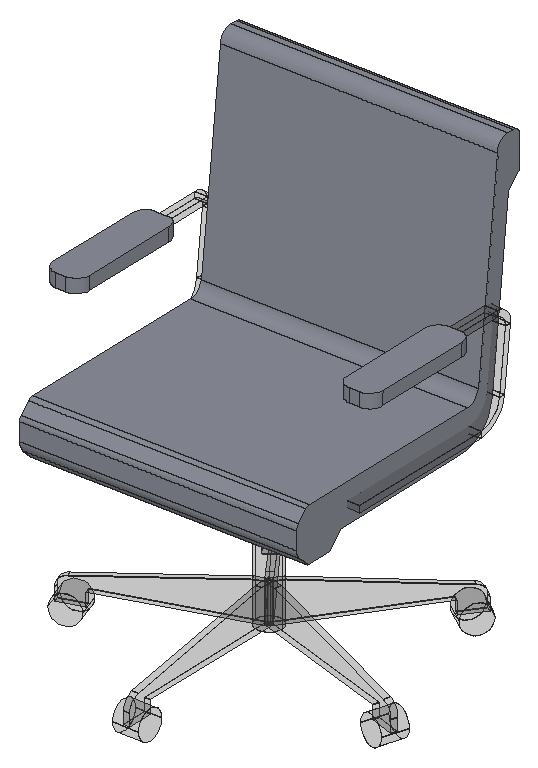
Revit family "Chair Task Arms", category Furniture, Revit 2015
Parameters (values of type "Chair Task Arms")
  Assembly Code = ""
  Material Base [instance] = Plastic Black
  Material Caster [instance] = Plastic Black
  Material Seat/Back [instance] = Slate Blue
Reference planes
  plane 1 "Center (Front/Back)": y = 18.946
  plane 2: z = 0
  plane 3 "Center (Left/Right)": x = 140.991
  plane 4: x = 458.491
  plane 5: x = -176.509
  plane 6: y = -323.954
  plane 7: y = 361.846
  plane 8: z = 889
  plane 9 "Seat": z = 457.2
  plane 10: y = 285.646
  plane 11: z = 863.6
  plane 12: y = -247.754
  plane 13: y = -222.354
  plane 14: z = 431.8
  plane 15: y = 260.246
  plane 16: z = 787.4
  plane 17: z = 355.6
  plane 18: x = 191.791
  plane 19: x = 90.191
  plane 20: x = 420.391
  plane 21: x = -138.409
  plane 22: z = 609.6
  plane 23: z = 609.6
Forms (mm)
  Extrusion 1, solid, material "Slate Blue" <- "Material Seat/Back"
    sketch origin (458.491, 37.892, 0) x (0, 1, 0) y (0, 0, 1)
      loop
        arc (-255.01, 457.2) -> (-259.851, 456.241) -> (-263.96, 453.51) r 12.7
        line (-263.96, 453.51) -> (-281.896, 435.694)
        arc (-281.896, 435.694) -> (-284.671, 431.563) -> (-285.646, 426.684) r 12.7
        line (-285.646, 426.684) -> (-285.646, 391.641)
        arc (-285.646, 391.641) -> (-283.729, 381.96) -> (-278.266, 373.74) r 25.4
        line (-278.266, 373.74) -> (-260.247, 355.6) -> (-209.447, 355.6) -> (-181.074, 383.784) -> (107.109, 383.784)
        arc (107.109, 383.784) -> (157.745, 403.041) -> (182.787, 451.08) r 76.2
        line (182.787, 451.08) -> (222.354, 787.4) -> (244.034, 809.08)
        arc (244.034, 809.08) -> (246.787, 813.2) -> (247.754, 818.061) r 12.7
        line (247.754, 818.061) -> (247.754, 876.3)
        arc (247.754, 876.3) -> (244.034, 885.28) -> (235.054, 889) r 12.7
        line (235.054, 889) -> (222.179, 889)
        arc (222.179, 889) -> (205.3, 882.581) -> (196.953, 866.568) r 25.4
        line (196.953, 866.568) -> (151.431, 479.632)
        arc (151.431, 479.632) -> (143.084, 463.619) -> (126.205, 457.2) r 25.4
        line (126.205, 457.2) -> (-255.01, 457.2)
    from -50.8 to -584.2
  Extrusion 2, solid, material "Plastic Black" <- "Material Base"
    sketch origin (90.191, 37.892, 0) x (0, 1, 0) y (0, 0, 1)
      loop
        line (19.154, 383.784) -> (-69.746, 383.784) -> (-69.746, 371.084) -> (-18.946, 283.095) -> (19.154, 283.095) -> (19.154, 383.784)
    from 0 to 101.6
  Extrusion 3, solid, material "Plastic Black" <- "Material Base"
    sketch origin (140.991, 37.892, 0) x (0, -1, 0) y (0, 0, 1)
      loop
        line (18.946, 53.584) -> (311.046, 53.584) -> (311.046, 28.184) -> (361.846, 28.184) -> (361.846, 52.487)
        arc (361.846, 52.487) -> (355.903, 68.813) -> (340.857, 77.501) r 25.4
        line (340.857, 77.501) -> (44.346, 129.784) -> (18.946, 129.784) -> (18.946, 53.584)
    from 6.35 to -6.35
  Extrusion 4, solid, material "Plastic Black" <- "Material Caster"
    sketch origin (140.991, 37.892, 0) x (0, -1, 0) y (0, 0, 1)
      loop
        circle (336.446, 28.184) r 28.2
    from 25.4 to -25.4
  Extrusion 5, solid, material "Plastic Black" <- "Material Base"
    sketch origin (122.972, 24.801, 0) x (0.951057, -0.309017, 0) y (0, 0, 1)
      loop
        line (18.946, 53.584) -> (311.046, 53.584) -> (311.046, 28.184) -> (361.846, 28.184) -> (361.846, 52.487)
        arc (361.846, 52.487) -> (355.903, 68.813) -> (340.857, 77.501) r 25.4
        line (340.857, 77.501) -> (44.346, 129.784) -> (18.946, 129.784) -> (18.946, 53.584)
    from 6.35 to -6.35
  Extrusion 6, solid, material "Plastic Black" <- "Material Caster"
    sketch origin (122.972, 24.801, 0) x (0.951057, -0.309017, 0) y (0, 0, 1)
      loop
        circle (336.446, 28.184) r 28.2
    from 25.4 to -25.4
  Extrusion 7, solid, material "Plastic Black" <- "Material Base"
    sketch origin (129.855, 3.618, 0) x (0.587785, 0.809017, 0) y (0, 0, 1)
      loop
        line (18.946, 53.584) -> (311.046, 53.584) -> (311.046, 28.184) -> (361.846, 28.184) -> (361.846, 52.487)
        arc (361.846, 52.487) -> (355.903, 68.813) -> (340.857, 77.501) r 25.4
        line (340.857, 77.501) -> (44.346, 129.784) -> (18.946, 129.784) -> (18.946, 53.584)
    from 6.35 to -6.35
  Extrusion 8, solid, material "Plastic Black" <- "Material Caster"
    sketch origin (129.855, 3.618, 0) x (0.587785, 0.809017, 0) y (0, 0, 1)
      loop
        circle (336.446, 28.184) r 28.2
    from 25.4 to -25.4
  Extrusion 9, solid, material "Plastic Black" <- "Material Base"
    sketch origin (152.127, 3.618, 0) x (-0.587785, 0.809017, 0) y (0, 0, 1)
      loop
        line (18.946, 53.584) -> (311.046, 53.584) -> (311.046, 28.184) -> (361.846, 28.184) -> (361.846, 52.487)
        arc (361.846, 52.487) -> (355.903, 68.813) -> (340.857, 77.501) r 25.4
        line (340.857, 77.501) -> (44.346, 129.784) -> (18.946, 129.784) -> (18.946, 53.584)
    from 6.35 to -6.35
  Extrusion 10, solid, material "Plastic Black" <- "Material Caster"
    sketch origin (152.127, 3.618, 0) x (-0.587785, 0.809017, 0) y (0, 0, 1)
      loop
        circle (336.446, 28.184) r 28.2
    from 25.4 to -25.4
  Extrusion 11, solid, material "Plastic Black" <- "Material Base"
    sketch origin (159.009, 24.801, 0) x (-0.951057, -0.309017, 0) y (0, 0, 1)
      loop
        line (18.946, 53.584) -> (311.046, 53.584) -> (311.046, 28.184) -> (361.846, 28.184) -> (361.846, 52.487)
        arc (361.846, 52.487) -> (355.903, 68.813) -> (340.857, 77.501) r 25.4
        line (340.857, 77.501) -> (44.346, 129.784) -> (18.946, 129.784) -> (18.946, 53.584)
    from 6.35 to -6.35
  Extrusion 12, solid, material "Plastic Black" <- "Material Caster"
    sketch origin (159.009, 24.801, 0) x (-0.951057, -0.309017, 0) y (0, 0, 1)
      loop
        circle (336.446, 28.184) r 28.2
    from 25.4 to -25.4
  Extrusion 13, solid, material "Plastic Black" <- "Material Base"
    sketch origin (281.982, 37.892, 0) x (-1, 0, 0) y (0, -1, 0)
      loop
        circle (140.991, 18.946) r 25.4
    from 53.584 to 384.175
  Sweep 14, solid, material "Plastic Black" <- "Material Base"
    path origin (-138.409, 37.892, 0) x (0, 1, 0) y (0, 0, 1)
      loop
        line (-167.032, 419.1) -> (128.329, 419.1)
        arc (128.329, 419.1) -> (162.087, 431.938) -> (178.781, 463.964) r 50.8
        line (178.781, 463.964) -> (192.578, 581.232)
        arc (192.578, 581.232) -> (186.332, 601.079) -> (167.352, 609.6) r 25.4
        line (167.352, 609.6) -> (-18.946, 609.6)
    profile origin (420.391, 18.54, 0) x (0, 0, 1) y (1, 0, 0)
      loop
        line (425.45, -546.1) -> (412.75, -546.1) -> (412.75, -571.5) -> (425.45, -571.5) -> (425.45, -546.1)
  Sweep 15, solid, material "Plastic Black" <- "Material Base"
    path origin (420.391, 37.892, 0) x (0, 1, 0) y (0, 0, 1)
      loop
        line (-167.032, 419.1) -> (126.239, 419.1)
        arc (126.239, 419.1) -> (159.996, 431.938) -> (176.691, 463.964) r 50.8
        line (176.691, 463.964) -> (190.487, 581.232)
        arc (190.487, 581.232) -> (184.242, 601.079) -> (165.261, 609.6) r 25.4
        line (165.261, 609.6) -> (-18.946, 609.6)
    profile origin (-138.409, 17.495, 0) x (0, 0, 1) y (1, 0, 0)
      loop
        line (412.75, 546.1) -> (425.45, 546.1) -> (425.45, 571.5) -> (412.75, 571.5) -> (412.75, 546.1)
  Extrusion 16, solid, material "Slate Blue" <- "Material Seat/Back"
    sketch origin (-125.709, -129.14, 425.45) x (0, 1, 0) y (-1, 0, 0)
      loop
        line (241.235, 6.35) -> (241.235, 25.4)
        arc (241.235, 25.4) -> (233.795, 43.361) -> (215.835, 50.8) r 25.4
        line (215.835, 50.8) -> (25.4, 50.8)
        arc (25.4, 50.8) -> (7.439, 43.361) -> (0, 25.4) r 25.4
        line (0, 25.4) -> (0, 6.35)
        arc (0, 6.35) -> (7.439, -11.611) -> (25.4, -19.05) r 25.4
        line (25.4, -19.05) -> (215.835, -19.05)
        arc (215.835, -19.05) -> (233.795, -11.611) -> (241.235, 6.35) r 25.4
      loop
        line (240.19, -558.8) -> (240.19, -539.75)
        arc (240.19, -539.75) -> (232.75, -521.789) -> (214.79, -514.35) r 25.4
        line (214.79, -514.35) -> (25.4, -514.35)
        arc (25.4, -514.35) -> (7.439, -521.789) -> (0, -539.75) r 25.4
        line (0, -539.75) -> (0, -558.8)
        arc (0, -558.8) -> (7.439, -576.761) -> (25.4, -584.2) r 25.4
        line (25.4, -584.2) -> (214.79, -584.2)
        arc (214.79, -584.2) -> (232.75, -576.761) -> (240.19, -558.8) r 25.4
    from 171.45 to 196.85
Lines and regions (mm)
  Masking region 1
    outline origin (281.982, 37.892, 457.2) x (0, 1, 0) y (-1, 0, 0)
      loop
        arc (126.205, -74.909) -> (141.084, -110.83) -> (177.005, -125.709) r 50.8
        line (177.005, -125.709) -> (222.354, -125.709)
        arc (222.354, -125.709) -> (240.315, -118.27) -> (247.754, -100.309) r 25.4
        line (247.754, -100.309) -> (247.754, 382.291)
        arc (247.754, 382.291) -> (240.315, 400.251) -> (222.354, 407.691) r 25.4
        line (222.354, 407.691) -> (177.005, 407.691)
        arc (177.005, 407.691) -> (141.084, 392.812) -> (126.205, 356.891) r 50.8
        line (126.205, 356.891) -> (126.205, -74.909)
  Masking region 2
    outline origin (281.982, 37.892, 457.2) x (0, 1, 0) y (-1, 0, 0)
      loop
        line (-281.896, -132.059) -> (-168.214, -132.059)
        arc (-168.214, -132.059) -> (-158.755, -109.222) -> (-135.918, -99.763) r 32.296
        line (-135.918, -99.763) -> (43.787, -99.763)
        arc (43.787, -99.763) -> (66.624, -109.222) -> (76.084, -132.059) r 32.296
        line (76.084, -132.059) -> (218.634, -132.059)
        arc (218.634, -132.059) -> (232.832, -127.721) -> (242.18, -116.187) r 25.4
        arc (242.18, -116.187) -> (233.351, -123.205) -> (222.354, -125.709) r 25.4
        line (222.354, -125.709) -> (177.005, -125.709)
        arc (177.005, -125.709) -> (141.084, -110.83) -> (126.205, -74.909) r 50.8
        line (126.205, -74.909) -> (126.205, 356.891)
        arc (126.205, 356.891) -> (141.084, 392.812) -> (177.005, 407.691) r 50.8
        line (177.005, 407.691) -> (222.354, 407.691)
        arc (222.354, 407.691) -> (233.351, 405.187) -> (242.18, 398.169) r 25.4
        arc (242.18, 398.169) -> (232.832, 409.702) -> (218.634, 414.041) r 25.4
        line (218.634, 414.041) -> (77.12, 414.041)
        arc (77.12, 414.041) -> (67.664, 391.213) -> (44.836, 381.757) r 32.284
        line (44.836, 381.757) -> (-135.924, 381.757)
        arc (-135.924, 381.757) -> (-158.752, 391.213) -> (-168.208, 414.041) r 32.284
        line (-168.208, 414.041) -> (-281.896, 414.041) -> (-281.896, -132.059)
  Masking region 3
    outline origin (281.982, 37.892, 457.2) x (0, 1, 0) y (-1, 0, 0)
      loop
        arc (-168.214, -151.084) -> (-160.549, -169.591) -> (-142.042, -177.256) r 26.172
        line (-142.042, -177.256) -> (49.214, -177.256)
        arc (49.214, -177.256) -> (68.214, -169.386) -> (76.084, -150.387) r 26.869
        line (76.084, -150.387) -> (76.084, -132.059)
        arc (76.084, -132.059) -> (66.624, -109.222) -> (43.787, -99.763) r 32.296
        line (43.787, -99.763) -> (-135.918, -99.763)
        arc (-135.918, -99.763) -> (-158.755, -109.222) -> (-168.214, -132.059) r 32.296
        line (-168.214, -132.059) -> (-168.214, -151.084)
      loop
        line (-168.208, 433.067) -> (-168.208, 414.041)
        arc (-168.208, 414.041) -> (-158.752, 391.213) -> (-135.924, 381.757) r 32.284
        line (-135.924, 381.757) -> (44.836, 381.757)
        arc (44.836, 381.757) -> (67.664, 391.213) -> (77.12, 414.041) r 32.284
        line (77.12, 414.041) -> (77.12, 432.371)
        arc (77.12, 432.371) -> (69.251, 451.367) -> (50.255, 459.235) r 26.864
        line (50.255, 459.235) -> (-142.04, 459.235)
        arc (-142.04, 459.235) -> (-160.544, 451.571) -> (-168.208, 433.067) r 26.168
  symbolic lines, not visible
    curve 1: line (382.291, 285.646, 0) -> (-100.309, 285.646, 0)
    curve 2: line (407.691, 260.246, 0) -> (407.691, 214.897, 0)
    curve 3: line (356.891, 164.097, 0) -> (-74.909, 164.097, 0)
    curve 4: line (-125.709, 260.246, 0) -> (-125.709, 214.897, 0)
    curve 5: arc (356.891, 164.097, 0) -> (392.812, 178.976, 0) -> (407.691, 214.897, 0) r 50.8
    curve 6: arc (-74.909, 164.097, 0) -> (-110.83, 178.976, 0) -> (-125.709, 214.897, 0) r 50.8
    curve 7: arc (407.691, 260.246, 0) -> (400.251, 278.206, 0) -> (382.291, 285.646, 0) r 25.4
    curve 8: arc (-125.709, 260.246, 0) -> (-118.27, 278.206, 0) -> (-100.309, 285.646, 0) r 25.4
    curve 9: line (414.041, -244.004, 0) -> (-132.059, -244.004, 0)
    curve 10: line (414.041, 113.975, 0) -> (414.041, 256.526, 0)
    curve 11: line (388.641, 281.926, 0) -> (-106.659, 281.926, 0)
    curve 12: line (-132.059, 115.012, 0) -> (-132.059, 256.526, 0)
    curve 13: arc (414.041, 256.526, 0) -> (406.601, 274.487, 0) -> (388.641, 281.926, 0) r 25.4
    curve 14: arc (-132.059, 256.526, 0) -> (-124.62, 274.487, 0) -> (-106.659, 281.926, 0) r 25.4
    curve 15: line (381.744, 81.679, 0) -> (381.744, -98.026, 0)
    curve 16: line (459.238, -104.151, 0) -> (459.238, 87.106, 0)
    curve 17: line (414.041, -130.322, 0) -> (433.066, -130.322, 0)
    curve 18: arc (433.066, -130.322, 0) -> (451.572, -122.657, 0) -> (459.238, -104.151, 0) r 26.172
    curve 19: arc (381.744, -98.026, 0) -> (391.204, -120.863, 0) -> (414.041, -130.322, 0) r 32.296
    curve 20: arc (459.238, 87.106, 0) -> (451.368, 106.106, 0) -> (432.369, 113.975, 0) r 26.869
    curve 21: arc (414.041, 113.975, 0) -> (391.204, 104.516, 0) -> (381.744, 81.679, 0) r 32.296
    curve 22: line (432.369, 113.975, 0) -> (414.041, 113.975, 0)
    curve 23: line (-99.776, -98.033, 0) -> (-99.776, 82.728, 0)
    curve 24: arc (-132.059, -130.316, 0) -> (-109.231, -120.861, 0) -> (-99.776, -98.033, 0) r 32.284
    curve 25: line (-151.085, -130.316, 0) -> (-132.059, -130.316, 0)
    curve 26: arc (-151.085, -130.316, 0) -> (-169.589, -122.652, 0) -> (-177.253, -104.148, 0) r 26.168
    curve 27: line (-177.253, 88.147, 0) -> (-177.253, -104.148, 0)
    curve 28: arc (-150.389, 115.012, 0) -> (-169.385, 107.143, 0) -> (-177.253, 88.147, 0) r 26.864
    curve 29: line (-132.059, 115.012, 0) -> (-150.389, 115.012, 0)
    curve 30: arc (-132.059, 115.012, 0) -> (-109.231, 105.556, 0) -> (-99.776, 82.728, 0) r 32.284
    curve 31: line (414.041, -244.004, 0) -> (414.041, -130.322, 0)
    curve 32: line (-132.059, -244.004, 0) -> (-132.059, -130.316, 0)
Dimensions and locks
  equal spacing: plane 5, plane 3 "Center (Left/Right)", plane 4
  plane 5 to plane 4 = 635 mm
  equal spacing: plane 6, plane 1 "Center (Front/Back)", plane 7
  plane 6 to plane 7 = 685.8 mm
  aligned and locked: Masking region 1 sketch curve to curve 6
  aligned and locked: Masking region 1 sketch curve to curve 8
  aligned and locked: Masking region 1 sketch curve to curve 7
  aligned and locked: Masking region 1 sketch curve to curve 5
  aligned and locked: Masking region 2 sketch curve to curve 31
  aligned and locked: Masking region 2 sketch curve to curve 10
  aligned and locked: Masking region 2 sketch curve to curve 13
  aligned and locked: Masking region 2 sketch curve to curve 14
  aligned and locked: Masking region 2 sketch curve to curve 32
  aligned and locked: Masking region 2 sketch curve to curve 9
  aligned and locked: Masking region 2 sketch curve to curve 7
  aligned and locked: Masking region 2 sketch curve to curve 5
  aligned and locked: Masking region 2 sketch curve to curve 6
  aligned and locked: Masking region 2 sketch curve to curve 8
  aligned and locked: Masking region 2 sketch curve to curve 21
  aligned and locked: Masking region 2 sketch curve to curve 19
  aligned and locked: Masking region 2 sketch curve to curve 24
  aligned and locked: Masking region 2 sketch curve to curve 30
  aligned and locked: Masking region 3 sketch curve to curve 18
  aligned and locked: Masking region 3 sketch curve to curve 20
  aligned and locked: Masking region 3 sketch curve to curve 21
  aligned and locked: Masking region 3 sketch curve to curve 19
  aligned and locked: Masking region 3 sketch curve to curve 26
  aligned and locked: Masking region 3 sketch curve to curve 28
  aligned and locked: Masking region 3 sketch curve to curve 30
  aligned and locked: Masking region 3 sketch curve to curve 24
Automatic sketch dimensions
  plane 5 to curve 27 = 0.744 mm
  plane 21 to curve 25 = 12.676 mm
  plane 21 to curve 28 = 11.98 mm
  curve 25 to plane 21 = 6.35 mm
  curve 12 to plane 21 = 6.35 mm
  curve 4 to plane 21 = 12.7 mm
  curve 8 to curve 11 = 19.05 mm
  curve 14 to curve 8 = 6.35 mm
  curve 30 to curve 23 = 32.284 mm
  curve 4 to curve 6 = 50.8 mm
  plane 20 to curve 3 = 63.5 mm
  plane 20 to curve 15 = 38.646 mm
  plane 20 to curve 7 = 38.1 mm
  curve 1 to curve 11 = 6.35 mm
  plane 20 to curve 2 = 12.7 mm
  plane 20 to curve 19 = 6.35 mm
  plane 20 to curve 10 = 6.35 mm
  curve 22 to plane 20 = 11.978 mm
  curve 18 to plane 20 = 12.675 mm
  curve 16 to plane 4 = 0.747 mm
  curve 32 to plane 6 = 79.95 mm
  curve 9 to curve 31 = 113.682 mm
  curve 9 to curve 32 = 113.688 mm
  curve 15 to plane 1 "Center (Front/Back)" = 62.733 mm
  curve 30 to plane 1 "Center (Front/Back)" = 63.782 mm
  curve 21 to curve 3 = 50.121 mm
  curve 4 to curve 14 = 41.629 mm
  curve 14 to curve 8 = 3.72 mm
  Extrusion 1 sketch curve to plane 12 = 0 mm
  plane 17 to Extrusion 1 sketch curve = 0 mm
  Extrusion 1 sketch curve to plane 13 = 0 mm
  plane 9 "Seat" to Extrusion 1 sketch curve = 0 mm
  plane 8 to Extrusion 1 sketch curve = 0 mm
  Extrusion 1 sketch curve to plane 11 = 0 mm
  Extrusion 1 sketch curve to plane 15 = 0 mm
  Extrusion 1 sketch curve to plane 10 = 0 mm
  Extrusion 1 sketch curve to plane 16 = 0 mm
  Extrusion 1 sketch curve to plane 12 = 3.75 mm
  Extrusion 1 sketch curve to plane 12 = 7.38 mm
  plane 14 to Extrusion 1 sketch curve = 5.116 mm
  Extrusion 1 sketch curve to plane 12 = 12.7 mm
  plane 13 to Extrusion 1 sketch curve = 3.715 mm
  plane 13 to Extrusion 1 sketch curve = 0.001 mm
  Extrusion 1 sketch curve to plane 13 = 5.236 mm
  Extrusion 1 sketch curve to plane 13 = 50.799 mm
  Extrusion 1 sketch curve to plane 17 = 28.184 mm
  Extrusion 1 sketch curve to Extrusion 1 sketch curve = 28.373 mm
  Extrusion 1 sketch curve to plane 9 "Seat" = 2.784 mm
  plane 15 to Extrusion 1 sketch curve = 115.245 mm
  Extrusion 1 sketch curve to Extrusion 1 sketch curve = 19.096 mm
  Extrusion 1 sketch curve to plane 9 "Seat" = 22.432 mm
  Extrusion 1 sketch curve to Extrusion 1 sketch curve = 25.226 mm
  plane 9 "Seat" to Extrusion 1 sketch curve = 6.12 mm
  plane 11 to Extrusion 1 sketch curve = 2.968 mm
  plane 15 to Extrusion 1 sketch curve = 25.401 mm
  Extrusion 1 sketch curve to Extrusion 1 sketch curve = 12.7 mm
  plane 10 to Extrusion 1 sketch curve = 12.7 mm
  plane 10 to Extrusion 1 sketch curve = 3.72 mm
  Extrusion 1 sketch curve to plane 17 = 18.14 mm
  plane 9 "Seat" to Extrusion 1 sketch curve = 12.7 mm
  plane 16 to Extrusion 1 sketch curve = 21.68 mm
  Extrusion 2 sketch curve to plane 1 "Center (Front/Back)" = 0 mm
  plane 1 "Center (Front/Back)" to Extrusion 2 sketch curve = 50.8 mm
  Extrusion 2 sketch curve to plane 1 "Center (Front/Back)" = 38.1 mm
  plane 9 "Seat" to Extrusion 2 sketch curve = 174.105 mm
  plane 9 "Seat" to Extrusion 2 sketch curve = 86.116 mm
  Extrusion 2 sketch curve to Extrusion 2 sketch curve = 12.7 mm
  Extrusion 3 sketch curve to plane 1 "Center (Front/Back)" = 0 mm
  Extrusion 3 sketch curve to plane 6 = 0 mm
  Extrusion 3 sketch curve to Extrusion 3 sketch curve = 25.4 mm  (x2)
  Extrusion 3 sketch curve to Extrusion 3 sketch curve = 50.8 mm
  Extrusion 3 sketch curve to plane 6 = 20.989 mm
  level to Extrusion 3 sketch curve = 28.184 mm
  Extrusion 3 sketch curve to Extrusion 3 sketch curve = 24.303 mm
  level to Extrusion 3 sketch curve = 53.584 mm
  Extrusion 3 sketch curve to Extrusion 3 sketch curve = 76.2 mm
  Extrusion 4 sketch curve to Extrusion 4 sketch curve = 0 mm  (x2)
  Extrusion 4 sketch curve to plane 6 = 25.4 mm
  level to Extrusion 4 sketch curve = 28.184 mm
  Extrusion 4 sketch curve to Extrusion 4 sketch curve = 28.2 mm
  level to Extrusion 5 sketch curve = 53.584 mm
  Extrusion 5 sketch curve to Extrusion 5 sketch curve = 25.4 mm  (x3)
  level to Extrusion 5 sketch curve = 28.184 mm
  Extrusion 5 sketch curve to Extrusion 5 sketch curve = 266.7 mm
  level to Extrusion 5 sketch curve = 77.501 mm
  Extrusion 5 sketch curve to Extrusion 5 sketch curve = 4.411 mm
  Extrusion 5 sketch curve to Extrusion 5 sketch curve = 76.2 mm
  Extrusion 6 sketch curve to Extrusion 6 sketch curve = 0 mm  (x2)
  level to Extrusion 6 sketch curve = 28.184 mm
  Extrusion 6 sketch curve to Extrusion 6 sketch curve = 28.2 mm
  level to Extrusion 7 sketch curve = 53.584 mm
  Extrusion 7 sketch curve to Extrusion 7 sketch curve = 25.4 mm  (x3)
  level to Extrusion 7 sketch curve = 28.184 mm
  Extrusion 7 sketch curve to Extrusion 7 sketch curve = 266.7 mm
  level to Extrusion 7 sketch curve = 77.501 mm
  Extrusion 7 sketch curve to Extrusion 7 sketch curve = 4.411 mm
  Extrusion 7 sketch curve to Extrusion 7 sketch curve = 76.2 mm
  Extrusion 8 sketch curve to Extrusion 8 sketch curve = 0 mm  (x2)
  level to Extrusion 8 sketch curve = 28.184 mm
  Extrusion 8 sketch curve to Extrusion 8 sketch curve = 28.2 mm
  level to Extrusion 9 sketch curve = 53.584 mm
  Extrusion 9 sketch curve to Extrusion 9 sketch curve = 25.4 mm  (x3)
  level to Extrusion 9 sketch curve = 28.184 mm
  Extrusion 9 sketch curve to Extrusion 9 sketch curve = 266.7 mm
  level to Extrusion 9 sketch curve = 77.501 mm
  Extrusion 9 sketch curve to Extrusion 9 sketch curve = 4.411 mm
  Extrusion 9 sketch curve to Extrusion 9 sketch curve = 76.2 mm
  Extrusion 10 sketch curve to Extrusion 10 sketch curve = 0 mm  (x2)
  level to Extrusion 10 sketch curve = 28.184 mm
  Extrusion 10 sketch curve to Extrusion 10 sketch curve = 28.2 mm
  level to Extrusion 11 sketch curve = 53.584 mm
  Extrusion 11 sketch curve to Extrusion 11 sketch curve = 25.4 mm  (x3)
  level to Extrusion 11 sketch curve = 28.184 mm
  Extrusion 11 sketch curve to Extrusion 11 sketch curve = 266.7 mm
  level to Extrusion 11 sketch curve = 77.501 mm
  Extrusion 11 sketch curve to Extrusion 11 sketch curve = 4.411 mm
  Extrusion 11 sketch curve to Extrusion 11 sketch curve = 76.2 mm
  Extrusion 12 sketch curve to Extrusion 12 sketch curve = 0 mm  (x2)
  level to Extrusion 12 sketch curve = 28.184 mm
  Extrusion 12 sketch curve to Extrusion 12 sketch curve = 28.2 mm
  Extrusion 13 sketch curve to Extrusion 13 sketch curve = 0 mm  (x2)
  plane 1 "Center (Front/Back)" to Extrusion 13 sketch curve = 0 mm
  Extrusion 13 sketch curve to plane 3 "Center (Left/Right)" = 0 mm
  Extrusion 13 sketch curve to Extrusion 13 sketch curve = 25.4 mm
  Sweep 14 sketch curve to plane 1 "Center (Front/Back)" = 0 mm
  plane 22 to Sweep 14 sketch curve = 0 mm
  Sweep 14 sketch curve to plane 9 "Seat" = 12.7 mm
  Sweep 14 sketch curve to plane 1 "Center (Front/Back)" = 147.275 mm
  Sweep 14 sketch curve to Sweep 14 sketch curve = 39.022 mm
  Sweep 14 sketch curve to plane 9 "Seat" = 6.764 mm
  Sweep 14 sketch curve to Sweep 14 sketch curve = 50.452 mm
  plane 22 to Sweep 14 sketch curve = 28.368 mm
  Sweep 14 sketch curve to Sweep 14 sketch curve = 25.226 mm
  plane 1 "Center (Front/Back)" to Sweep 14 sketch curve = 148.086 mm
  Sweep 15 sketch curve to plane 1 "Center (Front/Back)" = 0 mm
  Sweep 15 sketch curve to plane 23 = 0 mm
  Sweep 15 sketch curve to plane 9 "Seat" = 12.7 mm
  Sweep 15 sketch curve to plane 1 "Center (Front/Back)" = 145.185 mm
  Sweep 15 sketch curve to Sweep 15 sketch curve = 39.022 mm
  Sweep 15 sketch curve to plane 9 "Seat" = 6.764 mm
  Sweep 15 sketch curve to Sweep 15 sketch curve = 50.452 mm
  Sweep 15 sketch curve to plane 23 = 28.368 mm
  Sweep 15 sketch curve to Sweep 15 sketch curve = 25.226 mm
  plane 1 "Center (Front/Back)" to Sweep 15 sketch curve = 148.086 mm
  Extrusion 16 sketch curve to Sweep 14 = 0 mm  (x3)
  Sweep 14 to Extrusion 16 sketch curve = 0 mm
  Extrusion 16 sketch curve to Sweep 14 = 6.35 mm  (x2)
  Sweep 14 to Extrusion 16 sketch curve = 25.4 mm  (x3)
  Extrusion 16 sketch curve to Extrusion 16 sketch curve = 0 mm  (x2)
  Extrusion 16 sketch curve to Sweep 14 = 80.572 mm
  Extrusion 16 sketch curve to Sweep 14 = 79.526 mm
  Extrusion 16 sketch curve to Extrusion 16 sketch curve = 25.4 mm
  Extrusion 16 sketch curve to Extrusion 16 sketch curve = 495.3 mm
  Extrusion 16 sketch curve to Extrusion 16 sketch curve = 19.05 mm
